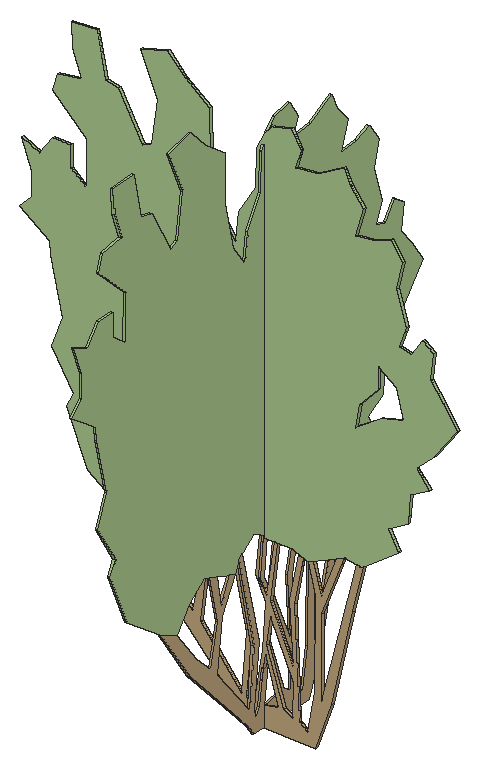
Revit family "L-PL낙엽관목_개나리", category 수목, Revit 2019
Family settings
  OmniClass 번호 = 23.40.05.00
  OmniClass 제목 = Plants and Planting Products
  작업 기준면 기반 = 아니오
  항상 수직 = 예
  로드될 때 보이드를 사용하여 절단 = 아니오
  렌더 모양 소스 = 패밀리 형상
  공유 = 아니오
Parameters (values of type "개나리")
  한국산업규격KS = ""
  조달청표준공사코드-세부공종 = "10161599202809"
  높이 = 1000 mm
  건설정보분류체계-부위분류 = "E985"
  LIM_INFO_주의사항 = "재배포, 재가공, 판매 금지"
  LIM_INFO_제작일 = "20211210"
  LIM_INFO_버전 = "2022_V01"
  LIM_INFO_PL_학명 = "Quercus myrsinaefolia Bl."
  LIM_INFO_PL_품명 = "가시나무"
  LIM_INFO_PL_주당인정수량 = 0
  LIM_INFO_PL_수목단위 = "주"
  LIM_INFO_PL_규격 = "5.0H X 18R"
  LIM_INFO_PL_구분 = "상록교목"
  LIM_INFO_PL_가격 = 0
  LIM_INFO_PL_Qty [instance] = 0
  LIM_INFO_PL_M2당수량 = 0
  KBIMS_식별-버전 = ""
  KBIMS_식별-bSK등록번호 = ""
  KBIMS_보급정보-저작자 = "림인포테크_MMJ"
  KBIMS_보급정보-보급코드 = ""
Reference planes
  plane 1 "중심(앞/뒤)": y = 0
  plane 2: z = 0
  plane 3 "중심(왼쪽/오른쪽)": x = 0
  plane 4: x = 482.5
  plane 5: x = -607.5
  plane 6: z = -545
  plane 7: z = -817.5
  plane 8: z = 5000
  plane 9: x = -100
  plane 10: x = 100
Dimensions and locks
  plane 4 to plane 5 = 1090 mm
  plane 6 to level = 545 mm
  plane 7 to plane 6 = 272.5 mm
  locked: level to plane 8 at 5000
  plane 9 to plane 10 = 200 mm
  aligned and locked: level to plane 2
Nested families
  nested 1: "개나리_base" at (0, 0, 0), type "개나리_base"
Definition of nested family "개나리_base"
  Parameters (values of type "개나리_base")
    Height = 6000 mm
  Reference planes
    plane 1 "중심(앞/뒤)": y = 0
    plane 2: z = 0
    plane 3 "중심(왼쪽/오른쪽)": x = 0
  Forms (mm)
    Revolve 1, solid, detail levels coarse
      sketch origin (0, 0, 0) x (1, 0, 0) y (0, 0, 1)
        loop
          line (0.01, 0) -> (0.01, 1330.784) -> (-339.99, 1330.784)
          arc (-339.99, 1330.784) -> (-453.127, 1283.921) -> (-499.99, 1170.784) r 160
          line (-499.99, 1170.784) -> (-499.99, 398.192)
          arc (-499.99, 398.192) -> (-476.558, 341.624) -> (-419.99, 318.192) r 80
          line (-419.99, 318.192) -> (-79.99, 318.192) -> (-79.99, 0) -> (0.01, 0)
        axis (0.01, 1330.784) -> (0.01, 0)
      angle from 0 to 360
    Extrusion 2, solid, detail levels fine
      sketch origin (0, 0, 0) x (1, 0, 0) y (0, 0, 1)
        loop
          line (-78.895, 385.171) -> (-35.484, 421.017) -> (3.373, 398.61) -> (72.119, 398.61) -> (97.525, 387.406) -> (109.918, 384.926) -> (174.752, 413.947) -> (193.727, 423.981) -> (234.817, 416.283) -> (321.06, 477.411) -> (297.313, 520.435) -> (343.384, 545.865) -> (348.761, 609.595) -> (393.917, 634.671) -> (361.806, 670.78) -> (404.698, 708.574) -> (459.093, 780.063) -> (426.44, 827.537) -> (395.265, 867.914) -> (403.465, 924.266) -> (377.197, 942.224) -> (350.738, 903.52) -> (322.538, 910.938) -> (338.865, 956.929) -> (316.601, 1031.108) -> (329.959, 1088.968) -> (303.243, 1127.541) -> (266.138, 1112.706) -> (220.127, 1108.255) -> (239.422, 1170.565) -> (208.253, 1207.655) -> (193.411, 1241.777) -> (132.558, 1207.655) -> (79.126, 1201.721) -> (92.484, 1241.777) -> (70.221, 1278.867) -> (25.694, 1268.482) -> (7.784, 1247.95) -> (-11.511, 1210.86) -> (-14.48, 1126.296) -> (-53.069, 1062.502) -> (-61.975, 998.707) -> (-96.112, 1047.666) -> (-119.859, 1150.033) -> (-121.344, 1256.851) -> (-179.228, 1299.875) -> (-219.302, 1341.415) -> (-283.124, 1323.612) -> (-243.05, 1230.147) -> (-257.892, 1132.23) -> (-278.671, 1123.329) -> (-335.071, 1224.212) -> (-364.756, 1230.147) -> (-385.535, 1326.58) -> (-446.388, 1323.612) -> (-443.42, 1268.72) -> (-422.64, 1210.86) -> (-477.557, 1201.959) -> (-489.241, 1165.478) -> (-409.094, 1089.815) -> (-410.862, 986.385) -> (-448.077, 1015.059) -> (-448.077, 1064.569) -> (-489.061, 1064.569) -> (-519.647, 1021.783) -> (-561.244, 1040.12) -> (-538.61, 977.774) -> (-538.61, 923.374) -> (-566.749, 895.257) -> (-525.153, 865.918) -> (-496.62, 845.793) -> (-493.694, 816.835) -> (-465.494, 695.181) -> (-492.21, 626.936) -> (-440.262, 543.855) -> (-456.588, 512.7) -> (-407.609, 396.981) -> (-309.651, 328.736) -> (-261.165, 305.544) -> (-226.778, 355.288) -> (-181.943, 391.14) -> (-163.787, 384.858) -> (-91.745, 359.931) -> (-78.895, 385.171)
        loop
          line (281.123, 745.51) -> (332.021, 758.567) -> (315.608, 822.551) -> (272.934, 852.083) -> (272.934, 802.864) -> (230.259, 756.926) -> (220.411, 706.067) -> (281.123, 745.51)
      from 0 to 5
    Extrusion 3, solid, detail levels fine
      sketch origin (0, 0, 0) x (1, 0, 0) y (0, 0, 1)
        loop
          line (-163.787, 384.858) -> (-140.323, 282.847) -> (-161.315, 189.913) -> (-204.985, 232.229) -> (-261.165, 305.544) -> (-309.651, 328.736) -> (-223.566, 202.631) -> (-79.596, 51.305) -> (-50.734, 21.025) -> (-35.52, 0) -> (127.297, 0) -> (163.741, 104.46) -> (212.712, 317.184) -> (239.428, 419.552) -> (234.817, 416.283) -> (221.485, 418.78) -> (140.718, 104.46) -> (140.718, 287.577) -> (193.727, 423.981) -> (174.752, 413.947) -> (139.53, 323.616) -> (121.822, 390.254) -> (109.918, 384.926) -> (127.249, 318.991) -> (123.052, 115.274) -> (108.542, 27.684) -> (87.854, 41.988) -> (76.976, 284.719) -> (97.525, 387.406) -> (87.454, 391.847) -> (65.736, 289.4) -> (73.501, 150.124) -> (20.307, 271.292) -> (37.746, 398.61) -> (30.866, 398.61) -> (11.37, 281.167) -> (-6.872, 317.854) -> (3.373, 398.61) -> (-5.601, 403.784) -> (-14.525, 316.54) -> (8.886, 264.992) -> (1.406, 162.935) -> (-17.82, 49.424) -> (-29.14, 29.18) -> (-36.448, 51.653) -> (-20.91, 188.847) -> (-69.857, 392.634) -> (-78.895, 385.171) -> (-36.356, 186.415) -> (-46.893, 54.962) -> (-142.642, 171.82) -> (-129.083, 286.592) -> (-91.745, 359.931) -> (-104.23, 364.251) -> (-132.76, 310.513) -> (-143.087, 377.696) -> (-163.787, 384.858)
        loop
          line (72.868, 45.733) -> (75.243, 118.883) -> (20.813, 238.73) -> (11.9, 175.747) -> (51.874, 56.013) -> (72.868, 45.733)
        loop
          line (38.688, 53.189) -> (9.208, 155.844) -> (-6.519, 44.717) -> (38.688, 53.189)
      from 0 to 5
    Extrusion 4, solid, detail levels fine
      sketch origin (0, 0, 0) x (0, 1, 0) y (0, 0, 1)
        loop
          line (-78.895, 385.171) -> (-35.484, 421.017) -> (3.373, 398.61) -> (72.119, 398.61) -> (97.525, 387.406) -> (109.918, 384.926) -> (174.752, 413.947) -> (193.727, 423.981) -> (234.817, 416.283) -> (321.06, 477.411) -> (297.313, 520.435) -> (343.384, 545.865) -> (348.761, 609.595) -> (393.917, 634.671) -> (361.806, 670.78) -> (404.698, 708.574) -> (459.093, 780.063) -> (426.44, 827.537) -> (395.265, 867.914) -> (403.465, 924.266) -> (377.197, 942.224) -> (350.738, 903.52) -> (322.538, 910.938) -> (338.865, 956.929) -> (316.601, 1031.108) -> (329.959, 1088.968) -> (303.243, 1127.541) -> (266.138, 1112.706) -> (220.127, 1108.255) -> (239.422, 1170.565) -> (208.253, 1207.655) -> (193.411, 1241.777) -> (132.558, 1207.655) -> (79.126, 1201.721) -> (92.484, 1241.777) -> (70.221, 1278.867) -> (25.694, 1268.482) -> (7.784, 1247.95) -> (-11.511, 1210.86) -> (-14.48, 1126.296) -> (-53.069, 1062.502) -> (-61.975, 998.707) -> (-96.112, 1047.666) -> (-119.859, 1150.033) -> (-121.344, 1256.851) -> (-179.228, 1299.875) -> (-219.302, 1341.415) -> (-283.124, 1323.612) -> (-243.05, 1230.147) -> (-257.892, 1132.23) -> (-278.671, 1123.329) -> (-335.071, 1224.212) -> (-364.756, 1230.147) -> (-385.535, 1326.58) -> (-446.388, 1323.612) -> (-443.42, 1268.72) -> (-422.64, 1210.86) -> (-477.557, 1201.959) -> (-489.241, 1165.478) -> (-409.094, 1089.815) -> (-410.862, 986.385) -> (-448.077, 1015.059) -> (-448.077, 1064.569) -> (-489.061, 1064.569) -> (-519.647, 1021.783) -> (-561.244, 1040.12) -> (-538.61, 977.774) -> (-538.61, 923.374) -> (-566.749, 895.257) -> (-525.153, 865.918) -> (-496.62, 845.793) -> (-493.694, 816.835) -> (-465.494, 695.181) -> (-492.21, 626.936) -> (-440.262, 543.855) -> (-456.588, 512.7) -> (-407.609, 396.981) -> (-309.651, 328.736) -> (-261.165, 305.544) -> (-226.778, 355.288) -> (-181.943, 391.14) -> (-163.787, 384.858) -> (-91.745, 359.931) -> (-78.895, 385.171)
        loop
          line (281.123, 745.51) -> (332.021, 758.567) -> (315.608, 822.551) -> (272.934, 852.083) -> (272.934, 802.864) -> (230.259, 756.926) -> (220.411, 706.067) -> (281.123, 745.51)
      from 0 to 5
    Extrusion 5, solid, detail levels fine
      sketch origin (0, 0, 0) x (0, 1, 0) y (0, 0, 1)
        loop
          line (-163.787, 384.858) -> (-140.323, 282.847) -> (-161.315, 189.913) -> (-204.985, 232.229) -> (-261.165, 305.544) -> (-309.651, 328.736) -> (-223.566, 202.631) -> (-79.596, 51.305) -> (-50.734, 21.025) -> (-35.52, 0) -> (127.297, 0) -> (163.741, 104.46) -> (212.712, 317.184) -> (239.428, 419.552) -> (234.817, 416.283) -> (221.485, 418.78) -> (140.718, 104.46) -> (140.718, 287.577) -> (193.727, 423.981) -> (174.752, 413.947) -> (139.53, 323.616) -> (121.822, 390.254) -> (109.918, 384.926) -> (127.249, 318.991) -> (123.052, 115.274) -> (108.542, 27.684) -> (87.854, 41.988) -> (76.976, 284.719) -> (97.525, 387.406) -> (87.454, 391.847) -> (65.736, 289.4) -> (73.501, 150.124) -> (20.307, 271.292) -> (37.746, 398.61) -> (30.866, 398.61) -> (11.37, 281.167) -> (-6.872, 317.854) -> (3.373, 398.61) -> (-5.601, 403.784) -> (-14.525, 316.54) -> (8.886, 264.992) -> (1.406, 162.935) -> (-17.82, 49.424) -> (-29.14, 29.18) -> (-36.448, 51.653) -> (-20.91, 188.847) -> (-69.857, 392.634) -> (-78.895, 385.171) -> (-36.356, 186.415) -> (-46.893, 54.962) -> (-142.642, 171.82) -> (-129.083, 286.592) -> (-91.745, 359.931) -> (-104.23, 364.251) -> (-132.76, 310.513) -> (-143.087, 377.696) -> (-163.787, 384.858)
        loop
          line (72.868, 45.733) -> (75.243, 118.883) -> (20.813, 238.73) -> (11.9, 175.747) -> (51.874, 56.013) -> (72.868, 45.733)
        loop
          line (38.688, 53.189) -> (9.208, 155.844) -> (-6.519, 44.717) -> (38.688, 53.189)
      from 0 to 5
  Lines and regions (mm)
    symbolic lines
      curve 1: arc (364.618, -263.274, 0) -> (113.092, -190.228, 0) -> (50.589, -444.578, 0) r 181.462
      curve 2: arc (-416.172, -175.094, 0) -> (-227.149, 6.211, 0) -> (-416.172, 187.515, 0) r 181.462
      curve 3: arc (-51.233, -444.578, 0) -> (-113.736, -190.228, 0) -> (-365.261, -263.274, 0) r 181.462
      curve 4: arc (415.529, 187.515, 0) -> (226.506, 6.211, 0) -> (415.529, -175.094, 0) r 181.462
      curve 5: arc (50.589, 457, 0) -> (113.092, 202.649, 0) -> (364.618, 275.695, 0) r 181.462
      curve 6: arc (-365.261, 275.695, 0) -> (-113.736, 202.649, 0) -> (-51.233, 457, 0) r 181.462
      curve 7: circle (1.406, 0, 0) r 13.534 normal (0, 0, 1)
      curve 8: arc (442.7, -91.432, 0) -> (325.057, -138.402, 0) -> (369.026, -257.2, 0) r 90.731
      curve 9: arc (412.472, -181.948, 0) -> (287.606, -203.269, 0) -> (305.75, -328.637, 0) r 90.731
      curve 10: arc (305.75, 341.058, 0) -> (287.606, 215.69, 0) -> (412.472, 194.369, 0) r 90.731
      curve 11: arc (369.026, 269.622, 0) -> (325.057, 150.823, 0) -> (442.7, 103.853, 0) r 90.731
      curve 12: arc (-369.669, -257.2, 0) -> (-325.7, -138.402, 0) -> (-443.344, -91.432, 0) r 90.731
      curve 13: arc (-306.394, -328.637, 0) -> (-288.249, -203.269, 0) -> (-413.116, -181.948, 0) r 90.731
      curve 14: arc (43.125, -445.359, 0) -> (-37.773, -347.882, 0) -> (-137.272, -426.279, 0) r 90.731
      curve 15: arc (136.629, -426.279, 0) -> (37.129, -347.882, 0) -> (-43.769, -445.359, 0) r 90.731
      curve 16: arc (-413.116, 194.369, 0) -> (-288.249, 215.69, 0) -> (-306.394, 341.058, 0) r 90.731
      curve 17: arc (-443.344, 103.853, 0) -> (-325.7, 150.823, 0) -> (-369.669, 269.622, 0) r 90.731
      curve 18: arc (-43.769, 457.78, 0) -> (37.129, 360.303, 0) -> (136.629, 438.7, 0) r 90.731
      curve 19: arc (-137.272, 438.7, 0) -> (-37.773, 360.303, 0) -> (43.125, 457.78, 0) r 90.731
  Dimensions and locks
    aligned and locked: level to plane 2
